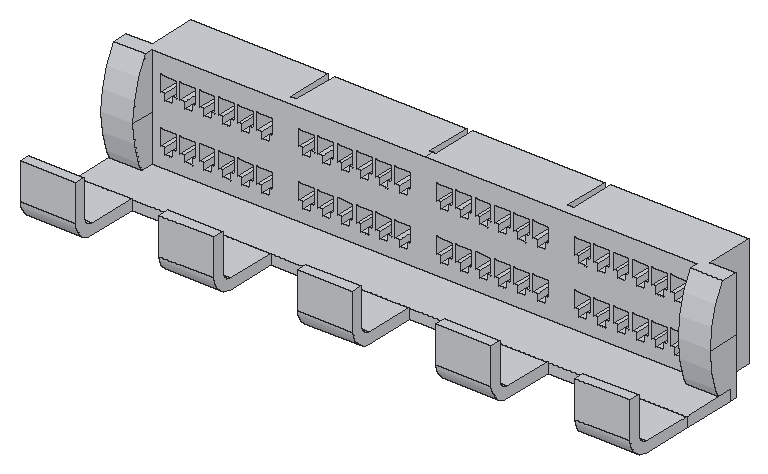
Revit family
Parameters
  Material ID = "760117366"
  Description = "SYSTIMAX 360™ GigaSPEED® XL PATCHMAX® GS3 Category 6 U/UTP Patch Panel, 48 port\r\n"
Reference planes (in)
  plane 1 "Center (Front/Back)": y = 0
  plane 2: z = 0
  plane 3 "Center (Left/Right)": x = 0
Forms (in)
  Extrusion 1, solid
    sketch origin (0, 0, 0) x (1, 0, 0) y (0, 0, 1)
      loop
        line (0, 1.75) -> (-9.5, 1.75) -> (-9.5, 0) -> (-9.5, -1.75) -> (0, -1.75) -> (9.5, -1.75) -> (9.5, 0) -> (9.5, 1.75) -> (0, 1.75)
    from 0 to 2.5
  Extrusion 2, void
    sketch origin (0, 0, 0) x (0, 1, 0) y (0, 0, 1)
      loop
        line (-2, 1.75) -> (-3.8877, 1.75) -> (-3.8877, -1.75) -> (-2, -1.75)
        arc (-2, -1.75) -> (-2.4805, 0) -> (-2, 1.75) r 3.42703
    from -11.51115 to 12
  Extrusion 3, void
    sketch origin (0, 0, 0) x (1, 0, 0) y (0, 0, 1)
      loop
        line (-8.5, 1.75) -> (-8.5, 0) -> (-8.5, -1.75) -> (0, -1.75) -> (8.5, -1.75) -> (8.5, 0) -> (8.5, 1.75) -> (0, 1.75) -> (-8.5, 1.75)
    from 1.75233 to 12
  Extrusion 4, void
    sketch origin (0, 0, 0) x (0, 1, 0) y (0, 0, 1)
      loop
        line (0, 1.75) -> (-1.5, 1.75) -> (-1.5, -1.75) -> (0, -1.75) -> (0, 1.75)
    from 8.68821 to 11.36382
  Extrusion 5, void
    sketch origin (0, 0, 0) x (0, 1, 0) y (0, 0, -1)
      loop
        line (0, -1.75) -> (0, 1.75) -> (-1.5, 1.75) -> (-1.5, -1.75) -> (0, -1.75)
    from 8.68821 to 11.36382
  Extrusion 6, void, not visible
    sketch origin (0, 0, 0) x (1, 0, 0) y (0, 0, 1)
      loop
        line (-7.85662, 0.48089) -> (-7.85662, -0.39002) -> (-7.67285, -0.39002) -> (-7.67285, -0.64002) -> (-7.0736, -0.64002) -> (-7.0736, -0.39002) -> (-6.92978, -0.39002) -> (-6.92978, 0.48089) -> (-7.85662, 0.48089)
    from -3.79215 to 12
  Extrusion 7, void
    sketch origin (0, 0, 0.75) x (1, 0, 0) y (0, 0, 1)
      loop
        line (-8.21397, 0.42583) -> (-8.21397, -0.07417) -> (-8.08657, -0.07417) -> (-8.08657, -0.27417) -> (-7.83657, -0.27417) -> (-7.83657, -0.07417) -> (-7.72497, -0.07417) -> (-7.72497, 0.42583) -> (-8.21397, 0.42583)
    from 0.74059 to 3.34334
  Extrusion 8, void
    sketch origin (0.6, 0, 0.75) x (1, 0, 0) y (0, 0, 1)
      loop
        line (-8.21397, 0.42583) -> (-8.21397, -0.07417) -> (-8.08657, -0.07417) -> (-8.08657, -0.27417) -> (-7.83657, -0.27417) -> (-7.83657, -0.07417) -> (-7.72497, -0.07417) -> (-7.72497, 0.42583) -> (-8.21397, 0.42583)
    from 0.74059 to 3.34334
  Extrusion 9, void
    sketch origin (1.2, 0, 0.75) x (1, 0, 0) y (0, 0, 1)
      loop
        line (-8.21397, 0.42583) -> (-8.21397, -0.07417) -> (-8.08657, -0.07417) -> (-8.08657, -0.27417) -> (-7.83657, -0.27417) -> (-7.83657, -0.07417) -> (-7.72497, -0.07417) -> (-7.72497, 0.42583) -> (-8.21397, 0.42583)
    from 0.74059 to 3.34334
  Extrusion 10, void
    sketch origin (1.8, 0, 0.75) x (1, 0, 0) y (0, 0, 1)
      loop
        line (-8.21397, 0.42583) -> (-8.21397, -0.07417) -> (-8.08657, -0.07417) -> (-8.08657, -0.27417) -> (-7.83657, -0.27417) -> (-7.83657, -0.07417) -> (-7.72497, -0.07417) -> (-7.72497, 0.42583) -> (-8.21397, 0.42583)
    from 0.74059 to 3.34334
  Extrusion 11, void
    sketch origin (2.4, 0, 0.75) x (1, 0, 0) y (0, 0, 1)
      loop
        line (-8.21397, 0.42583) -> (-8.21397, -0.07417) -> (-8.08657, -0.07417) -> (-8.08657, -0.27417) -> (-7.83657, -0.27417) -> (-7.83657, -0.07417) -> (-7.72497, -0.07417) -> (-7.72497, 0.42583) -> (-8.21397, 0.42583)
    from 0.74059 to 3.34334
  Extrusion 12, void
    sketch origin (3, 0, 0.75) x (1, 0, 0) y (0, 0, 1)
      loop
        line (-8.21397, 0.42583) -> (-8.21397, -0.07417) -> (-8.08657, -0.07417) -> (-8.08657, -0.27417) -> (-7.83657, -0.27417) -> (-7.83657, -0.07417) -> (-7.72497, -0.07417) -> (-7.72497, 0.42583) -> (-8.21397, 0.42583)
    from 0.74059 to 3.34334
  Extrusion 13, void, not visible
    sketch origin (0, 0, 0) x (1, 0, 0) y (0, 0, 1)
      loop
        line (-8.21397, 0.42583) -> (-8.21397, -0.07417) -> (-8.08657, -0.07417) -> (-8.08657, -0.27417) -> (-7.83657, -0.27417) -> (-7.83657, -0.07417) -> (-7.72497, -0.07417) -> (-7.72497, 0.42583) -> (-8.21397, 0.42583)
    from 0.74059 to 3.34334
  Extrusion 14, void
    sketch origin (4.3, 0, 0.75) x (1, 0, 0) y (0, 0, 1)
      loop
        line (-8.21397, 0.42583) -> (-8.21397, -0.07417) -> (-8.08657, -0.07417) -> (-8.08657, -0.27417) -> (-7.83657, -0.27417) -> (-7.83657, -0.07417) -> (-7.72497, -0.07417) -> (-7.72497, 0.42583) -> (-8.21397, 0.42583)
    from 0.74059 to 3.34334
  Extrusion 15, void
    sketch origin (4.9, 0, 0.75) x (1, 0, 0) y (0, 0, 1)
      loop
        line (-8.21397, 0.42583) -> (-8.21397, -0.07417) -> (-8.08657, -0.07417) -> (-8.08657, -0.27417) -> (-7.83657, -0.27417) -> (-7.83657, -0.07417) -> (-7.72497, -0.07417) -> (-7.72497, 0.42583) -> (-8.21397, 0.42583)
    from 0.74059 to 3.34334
  Extrusion 16, void
    sketch origin (5.5, 0, 0.75) x (1, 0, 0) y (0, 0, 1)
      loop
        line (-8.21397, 0.42583) -> (-8.21397, -0.07417) -> (-8.08657, -0.07417) -> (-8.08657, -0.27417) -> (-7.83657, -0.27417) -> (-7.83657, -0.07417) -> (-7.72497, -0.07417) -> (-7.72497, 0.42583) -> (-8.21397, 0.42583)
    from 0.74059 to 3.34334
  Extrusion 17, void
    sketch origin (6.1, 0, 0.75) x (1, 0, 0) y (0, 0, 1)
      loop
        line (-8.21397, 0.42583) -> (-8.21397, -0.07417) -> (-8.08657, -0.07417) -> (-8.08657, -0.27417) -> (-7.83657, -0.27417) -> (-7.83657, -0.07417) -> (-7.72497, -0.07417) -> (-7.72497, 0.42583) -> (-8.21397, 0.42583)
    from 0.74059 to 3.34334
  Extrusion 18, void
    sketch origin (6.7, 0, 0.75) x (1, 0, 0) y (0, 0, 1)
      loop
        line (-8.21397, 0.42583) -> (-8.21397, -0.07417) -> (-8.08657, -0.07417) -> (-8.08657, -0.27417) -> (-7.83657, -0.27417) -> (-7.83657, -0.07417) -> (-7.72497, -0.07417) -> (-7.72497, 0.42583) -> (-8.21397, 0.42583)
    from 0.74059 to 3.34334
  Extrusion 19, void
    sketch origin (7.3, 0, 0.75) x (1, 0, 0) y (0, 0, 1)
      loop
        line (-8.21397, 0.42583) -> (-8.21397, -0.07417) -> (-8.08657, -0.07417) -> (-8.08657, -0.27417) -> (-7.83657, -0.27417) -> (-7.83657, -0.07417) -> (-7.72497, -0.07417) -> (-7.72497, 0.42583) -> (-8.21397, 0.42583)
    from 0.74059 to 3.34334
  Extrusion 20, void
    sketch origin (8.6, 0, 0.75) x (1, 0, 0) y (0, 0, 1)
      loop
        line (-8.21397, 0.42583) -> (-8.21397, -0.07417) -> (-8.08657, -0.07417) -> (-8.08657, -0.27417) -> (-7.83657, -0.27417) -> (-7.83657, -0.07417) -> (-7.72497, -0.07417) -> (-7.72497, 0.42583) -> (-8.21397, 0.42583)
    from 0.74059 to 3.34334
  Extrusion 21, void
    sketch origin (9.2, 0, 0.75) x (1, 0, 0) y (0, 0, 1)
      loop
        line (-8.21397, 0.42583) -> (-8.21397, -0.07417) -> (-8.08657, -0.07417) -> (-8.08657, -0.27417) -> (-7.83657, -0.27417) -> (-7.83657, -0.07417) -> (-7.72497, -0.07417) -> (-7.72497, 0.42583) -> (-8.21397, 0.42583)
    from 0.74059 to 3.34334
  Extrusion 22, void
    sketch origin (9.8, 0, 0.75) x (1, 0, 0) y (0, 0, 1)
      loop
        line (-8.21397, 0.42583) -> (-8.21397, -0.07417) -> (-8.08657, -0.07417) -> (-8.08657, -0.27417) -> (-7.83657, -0.27417) -> (-7.83657, -0.07417) -> (-7.72497, -0.07417) -> (-7.72497, 0.42583) -> (-8.21397, 0.42583)
    from 0.74059 to 3.34334
  Extrusion 23, void
    sketch origin (10.4, 0, 0.75) x (1, 0, 0) y (0, 0, 1)
      loop
        line (-8.21397, 0.42583) -> (-8.21397, -0.07417) -> (-8.08657, -0.07417) -> (-8.08657, -0.27417) -> (-7.83657, -0.27417) -> (-7.83657, -0.07417) -> (-7.72497, -0.07417) -> (-7.72497, 0.42583) -> (-8.21397, 0.42583)
    from 0.74059 to 3.34334
  Extrusion 24, void
    sketch origin (11, 0, 0.75) x (1, 0, 0) y (0, 0, 1)
      loop
        line (-8.21397, 0.42583) -> (-8.21397, -0.07417) -> (-8.08657, -0.07417) -> (-8.08657, -0.27417) -> (-7.83657, -0.27417) -> (-7.83657, -0.07417) -> (-7.72497, -0.07417) -> (-7.72497, 0.42583) -> (-8.21397, 0.42583)
    from 0.74059 to 3.34334
  Extrusion 25, void
    sketch origin (11.6, 0, 0.75) x (1, 0, 0) y (0, 0, 1)
      loop
        line (-8.21397, 0.42583) -> (-8.21397, -0.07417) -> (-8.08657, -0.07417) -> (-8.08657, -0.27417) -> (-7.83657, -0.27417) -> (-7.83657, -0.07417) -> (-7.72497, -0.07417) -> (-7.72497, 0.42583) -> (-8.21397, 0.42583)
    from 0.74059 to 3.34334
  Extrusion 26, void
    sketch origin (12.9, 0, 0.75) x (1, 0, 0) y (0, 0, 1)
      loop
        line (-8.21397, 0.42583) -> (-8.21397, -0.07417) -> (-8.08657, -0.07417) -> (-8.08657, -0.27417) -> (-7.83657, -0.27417) -> (-7.83657, -0.07417) -> (-7.72497, -0.07417) -> (-7.72497, 0.42583) -> (-8.21397, 0.42583)
    from 0.74059 to 3.34334
  Extrusion 27, void
    sketch origin (13.5, 0, 0.75) x (1, 0, 0) y (0, 0, 1)
      loop
        line (-8.21397, 0.42583) -> (-8.21397, -0.07417) -> (-8.08657, -0.07417) -> (-8.08657, -0.27417) -> (-7.83657, -0.27417) -> (-7.83657, -0.07417) -> (-7.72497, -0.07417) -> (-7.72497, 0.42583) -> (-8.21397, 0.42583)
    from 0.74059 to 3.34334
  Extrusion 28, void
    sketch origin (14.1, 0, 0.75) x (1, 0, 0) y (0, 0, 1)
      loop
        line (-8.21397, 0.42583) -> (-8.21397, -0.07417) -> (-8.08657, -0.07417) -> (-8.08657, -0.27417) -> (-7.83657, -0.27417) -> (-7.83657, -0.07417) -> (-7.72497, -0.07417) -> (-7.72497, 0.42583) -> (-8.21397, 0.42583)
    from 0.74059 to 3.34334
  Extrusion 29, void
    sketch origin (14.7, 0, 0.75) x (1, 0, 0) y (0, 0, 1)
      loop
        line (-8.21397, 0.42583) -> (-8.21397, -0.07417) -> (-8.08657, -0.07417) -> (-8.08657, -0.27417) -> (-7.83657, -0.27417) -> (-7.83657, -0.07417) -> (-7.72497, -0.07417) -> (-7.72497, 0.42583) -> (-8.21397, 0.42583)
    from 0.74059 to 3.34334
  Extrusion 30, void
    sketch origin (15.3, 0, 0.75) x (1, 0, 0) y (0, 0, 1)
      loop
        line (-8.21397, 0.42583) -> (-8.21397, -0.07417) -> (-8.08657, -0.07417) -> (-8.08657, -0.27417) -> (-7.83657, -0.27417) -> (-7.83657, -0.07417) -> (-7.72497, -0.07417) -> (-7.72497, 0.42583) -> (-8.21397, 0.42583)
    from 0.74059 to 3.34334
  Extrusion 31, void
    sketch origin (15.9, 0, 0.75) x (1, 0, 0) y (0, 0, 1)
      loop
        line (-8.21397, 0.42583) -> (-8.21397, -0.07417) -> (-8.08657, -0.07417) -> (-8.08657, -0.27417) -> (-7.83657, -0.27417) -> (-7.83657, -0.07417) -> (-7.72497, -0.07417) -> (-7.72497, 0.42583) -> (-8.21397, 0.42583)
    from 0.74059 to 3.34334
  Extrusion 32, solid
    sketch origin (0, 0, 0) x (1, 0, 0) y (0, 0, 1)
      loop
        line (-9.5, -1.75) -> (9.5, -1.75) -> (9.5, -1.42045) -> (-9.5, -1.42045) -> (-9.5, -1.75)
    from 1.75233 to 3.42578
  Sweep 33, solid
    path origin (-12.96098, 0, 0) x (0, 1, 0) y (0, 0, 1)
      loop
        line (-3.42578, -1.75) -> (-4.97582, -1.75)
        arc (-4.97582, -1.75) -> (-5.41551, -1.5688) -> (-5.62847, -1.14359) r 0.67897
        line (-5.62847, -1.14359) -> (-5.62847, 0)
    profile origin (-12.96098, -4.2008, -1.75) x (0, 0, -1) y (1, 0, 0)
      loop
        line (0, 3.46098) -> (0, 5.17967) -> (-0.32955, 5.17967) -> (-0.32955, 3.46098) -> (0, 3.46098)
  Sweep 34, solid
    path origin (4.32033, 0, 0) x (0, 1, 0) y (0, 0, 1)
      loop
        line (-3.42578, -1.75) -> (-4.97582, -1.75)
        arc (-4.97582, -1.75) -> (-5.41551, -1.5688) -> (-5.62847, -1.14359) r 0.67897
        line (-5.62847, -1.14359) -> (-5.62847, 0)
    profile origin (4.32033, -4.2008, -1.75) x (0, 0, -1) y (1, 0, 0)
      loop
        line (0, 3.46098) -> (0, 5.17967) -> (-0.32955, 5.17967) -> (-0.32955, 3.46098) -> (0, 3.46098)
  Sweep 35, solid
    path origin (-8.64065, 0, 0) x (0, 1, 0) y (0, 0, 1)
      loop
        line (-3.42578, -1.75) -> (-4.97582, -1.75)
        arc (-4.97582, -1.75) -> (-5.41551, -1.5688) -> (-5.62847, -1.14359) r 0.67897
        line (-5.62847, -1.14359) -> (-5.62847, 0)
    profile origin (-8.64065, -4.2008, -1.75) x (0, 0, -1) y (1, 0, 0)
      loop
        line (0, 3.46098) -> (0, 5.17967) -> (-0.32955, 5.17967) -> (-0.32955, 3.46098) -> (0, 3.46098)
  Sweep 36, solid
    path origin (-4.32033, 0, 0) x (0, 1, 0) y (0, 0, 1)
      loop
        line (-3.42578, -1.75) -> (-4.97582, -1.75)
        arc (-4.97582, -1.75) -> (-5.41551, -1.5688) -> (-5.62847, -1.14359) r 0.67897
        line (-5.62847, -1.14359) -> (-5.62847, 0)
    profile origin (-4.32033, -4.2008, -1.75) x (0, 0, -1) y (1, 0, 0)
      loop
        line (0, 3.46098) -> (0, 5.17967) -> (-0.32955, 5.17967) -> (-0.32955, 3.46098) -> (0, 3.46098)
  Sweep 37, solid
    path origin (0, 0, 0) x (0, 1, 0) y (0, 0, 1)
      loop
        line (-3.42578, -1.75) -> (-4.97582, -1.75)
        arc (-4.97582, -1.75) -> (-5.41551, -1.5688) -> (-5.62847, -1.14359) r 0.67897
        line (-5.62847, -1.14359) -> (-5.62847, 0)
    profile origin (0, -4.2008, -1.75) x (0, 0, -1) y (1, 0, 0)
      loop
        line (0, 3.46098) -> (0, 5.17967) -> (-0.32955, 5.17967) -> (-0.32955, 3.46098) -> (0, 3.46098)
  Extrusion 38, void
    sketch origin (0, 0, 0) x (1, 0, 0) y (0, 0, 1)
      loop
        line (9.21516, 1.20765) -> (9.01112, 1.20765)
        arc (9.01112, 1.20765) -> (8.88612, 1.08265) -> (9.01112, 0.95765) r 0.125
        line (9.01112, 0.95765) -> (9.21516, 0.95765)
        arc (9.21516, 0.95765) -> (9.34016, 1.08265) -> (9.21516, 1.20765) r 0.125
    from -0.81157 to 2
  Extrusion 39, void
    sketch origin (0, 0, 0) x (1, 0, 0) y (0, 0, 1)
      loop
        arc (9.21516, -1.20765) -> (9.34016, -1.08265) -> (9.21516, -0.95765) r 0.125
        line (9.21516, -0.95765) -> (9.01112, -0.95765)
        arc (9.01112, -0.95765) -> (8.88612, -1.08265) -> (9.01112, -1.20765) r 0.125
        line (9.01112, -1.20765) -> (9.21516, -1.20765)
    from -0.81157 to 2
  Extrusion 40, void
    sketch origin (0, 0, 0) x (-1, 0, 0) y (0, 0, -1)
      loop
        arc (9.21516, -1.20765) -> (9.34016, -1.08265) -> (9.21516, -0.95765) r 0.125
        line (9.21516, -0.95765) -> (9.01112, -0.95765)
        arc (9.01112, -0.95765) -> (8.88612, -1.08265) -> (9.01112, -1.20765) r 0.125
        line (9.01112, -1.20765) -> (9.21516, -1.20765)
    from -0.81157 to 2
  Extrusion 41, void
    sketch origin (0, 0, 0) x (-1, 0, 0) y (0, 0, -1)
      loop
        line (9.21516, 1.20765) -> (9.01112, 1.20765)
        arc (9.01112, 1.20765) -> (8.88612, 1.08265) -> (9.01112, 0.95765) r 0.125
        line (9.01112, 0.95765) -> (9.21516, 0.95765)
        arc (9.21516, 0.95765) -> (9.34016, 1.08265) -> (9.21516, 1.20765) r 0.125
    from -0.81157 to 2
  Extrusion 42, void
    sketch origin (0, 0, 0) x (1, 0, 0) y (0, 0, 1)
      loop
        line (4.40826, 1.75) -> (4.20826, 1.75) -> (4.20826, -1.75) -> (4.40826, -1.75) -> (4.40826, 1.75)
    from 0 to 1.44779
  Extrusion 43, void
    sketch origin (-4.29969, 0, 0) x (1, 0, 0) y (0, 0, 1)
      loop
        line (4.40826, 1.75) -> (4.20826, 1.75) -> (4.20826, -1.75) -> (4.40826, -1.75) -> (4.40826, 1.75)
    from 0 to 1.44779
  Extrusion 44, void
    sketch origin (-8.6195, 0, 0) x (1, 0, 0) y (0, 0, 1)
      loop
        line (4.40826, 1.75) -> (4.20826, 1.75) -> (4.20826, -1.75) -> (4.40826, -1.75) -> (4.40826, 1.75)
    from 0 to 1.44779
  Extrusion 45, void
    sketch origin (0, 0, -0.75) x (1, 0, 0) y (0, 0, 1)
      loop
        line (-8.21397, 0.42583) -> (-8.21397, -0.07417) -> (-8.08657, -0.07417) -> (-8.08657, -0.27417) -> (-7.83657, -0.27417) -> (-7.83657, -0.07417) -> (-7.72497, -0.07417) -> (-7.72497, 0.42583) -> (-8.21397, 0.42583)
    from 0.74059 to 3.34334
  Extrusion 46, void
    sketch origin (0.6, 0, -0.75) x (1, 0, 0) y (0, 0, 1)
      loop
        line (-8.21397, 0.42583) -> (-8.21397, -0.07417) -> (-8.08657, -0.07417) -> (-8.08657, -0.27417) -> (-7.83657, -0.27417) -> (-7.83657, -0.07417) -> (-7.72497, -0.07417) -> (-7.72497, 0.42583) -> (-8.21397, 0.42583)
    from 0.74059 to 3.34334
  Extrusion 47, void
    sketch origin (1.2, 0, -0.75) x (1, 0, 0) y (0, 0, 1)
      loop
        line (-8.21397, 0.42583) -> (-8.21397, -0.07417) -> (-8.08657, -0.07417) -> (-8.08657, -0.27417) -> (-7.83657, -0.27417) -> (-7.83657, -0.07417) -> (-7.72497, -0.07417) -> (-7.72497, 0.42583) -> (-8.21397, 0.42583)
    from 0.74059 to 3.34334
  Extrusion 48, void
    sketch origin (1.8, 0, -0.75) x (1, 0, 0) y (0, 0, 1)
      loop
        line (-8.21397, 0.42583) -> (-8.21397, -0.07417) -> (-8.08657, -0.07417) -> (-8.08657, -0.27417) -> (-7.83657, -0.27417) -> (-7.83657, -0.07417) -> (-7.72497, -0.07417) -> (-7.72497, 0.42583) -> (-8.21397, 0.42583)
    from 0.74059 to 3.34334
  Extrusion 49, void
    sketch origin (2.4, 0, -0.75) x (1, 0, 0) y (0, 0, 1)
      loop
        line (-8.21397, 0.42583) -> (-8.21397, -0.07417) -> (-8.08657, -0.07417) -> (-8.08657, -0.27417) -> (-7.83657, -0.27417) -> (-7.83657, -0.07417) -> (-7.72497, -0.07417) -> (-7.72497, 0.42583) -> (-8.21397, 0.42583)
    from 0.74059 to 3.34334
  Extrusion 50, void
    sketch origin (3, 0, -0.75) x (1, 0, 0) y (0, 0, 1)
      loop
        line (-8.21397, 0.42583) -> (-8.21397, -0.07417) -> (-8.08657, -0.07417) -> (-8.08657, -0.27417) -> (-7.83657, -0.27417) -> (-7.83657, -0.07417) -> (-7.72497, -0.07417) -> (-7.72497, 0.42583) -> (-8.21397, 0.42583)
    from 0.74059 to 3.34334
  Extrusion 51, void
    sketch origin (4.3, 0, -0.75) x (1, 0, 0) y (0, 0, 1)
      loop
        line (-8.21397, 0.42583) -> (-8.21397, -0.07417) -> (-8.08657, -0.07417) -> (-8.08657, -0.27417) -> (-7.83657, -0.27417) -> (-7.83657, -0.07417) -> (-7.72497, -0.07417) -> (-7.72497, 0.42583) -> (-8.21397, 0.42583)
    from 0.74059 to 3.34334
  Extrusion 52, void
    sketch origin (4.9, 0, -0.75) x (1, 0, 0) y (0, 0, 1)
      loop
        line (-8.21397, 0.42583) -> (-8.21397, -0.07417) -> (-8.08657, -0.07417) -> (-8.08657, -0.27417) -> (-7.83657, -0.27417) -> (-7.83657, -0.07417) -> (-7.72497, -0.07417) -> (-7.72497, 0.42583) -> (-8.21397, 0.42583)
    from 0.74059 to 3.34334
  Extrusion 53, void
    sketch origin (5.5, 0, -0.75) x (1, 0, 0) y (0, 0, 1)
      loop
        line (-8.21397, 0.42583) -> (-8.21397, -0.07417) -> (-8.08657, -0.07417) -> (-8.08657, -0.27417) -> (-7.83657, -0.27417) -> (-7.83657, -0.07417) -> (-7.72497, -0.07417) -> (-7.72497, 0.42583) -> (-8.21397, 0.42583)
    from 0.74059 to 3.34334
  Extrusion 54, void
    sketch origin (6.1, 0, -0.75) x (1, 0, 0) y (0, 0, 1)
      loop
        line (-8.21397, 0.42583) -> (-8.21397, -0.07417) -> (-8.08657, -0.07417) -> (-8.08657, -0.27417) -> (-7.83657, -0.27417) -> (-7.83657, -0.07417) -> (-7.72497, -0.07417) -> (-7.72497, 0.42583) -> (-8.21397, 0.42583)
    from 0.74059 to 3.34334
  Extrusion 55, void
    sketch origin (6.7, 0, -0.75) x (1, 0, 0) y (0, 0, 1)
      loop
        line (-8.21397, 0.42583) -> (-8.21397, -0.07417) -> (-8.08657, -0.07417) -> (-8.08657, -0.27417) -> (-7.83657, -0.27417) -> (-7.83657, -0.07417) -> (-7.72497, -0.07417) -> (-7.72497, 0.42583) -> (-8.21397, 0.42583)
    from 0.74059 to 3.34334
  Extrusion 56, void
    sketch origin (7.3, 0, -0.75) x (1, 0, 0) y (0, 0, 1)
      loop
        line (-8.21397, 0.42583) -> (-8.21397, -0.07417) -> (-8.08657, -0.07417) -> (-8.08657, -0.27417) -> (-7.83657, -0.27417) -> (-7.83657, -0.07417) -> (-7.72497, -0.07417) -> (-7.72497, 0.42583) -> (-8.21397, 0.42583)
    from 0.74059 to 3.34334
  Extrusion 57, void
    sketch origin (8.6, 0, -0.75) x (1, 0, 0) y (0, 0, 1)
      loop
        line (-8.21397, 0.42583) -> (-8.21397, -0.07417) -> (-8.08657, -0.07417) -> (-8.08657, -0.27417) -> (-7.83657, -0.27417) -> (-7.83657, -0.07417) -> (-7.72497, -0.07417) -> (-7.72497, 0.42583) -> (-8.21397, 0.42583)
    from 0.74059 to 3.34334
  Extrusion 58, void
    sketch origin (9.2, 0, -0.75) x (1, 0, 0) y (0, 0, 1)
      loop
        line (-8.21397, 0.42583) -> (-8.21397, -0.07417) -> (-8.08657, -0.07417) -> (-8.08657, -0.27417) -> (-7.83657, -0.27417) -> (-7.83657, -0.07417) -> (-7.72497, -0.07417) -> (-7.72497, 0.42583) -> (-8.21397, 0.42583)
    from 0.74059 to 3.34334
  Extrusion 59, void
    sketch origin (9.8, 0, -0.75) x (1, 0, 0) y (0, 0, 1)
      loop
        line (-8.21397, 0.42583) -> (-8.21397, -0.07417) -> (-8.08657, -0.07417) -> (-8.08657, -0.27417) -> (-7.83657, -0.27417) -> (-7.83657, -0.07417) -> (-7.72497, -0.07417) -> (-7.72497, 0.42583) -> (-8.21397, 0.42583)
    from 0.74059 to 3.34334
  Extrusion 60, void
    sketch origin (10.4, 0, -0.75) x (1, 0, 0) y (0, 0, 1)
      loop
        line (-8.21397, 0.42583) -> (-8.21397, -0.07417) -> (-8.08657, -0.07417) -> (-8.08657, -0.27417) -> (-7.83657, -0.27417) -> (-7.83657, -0.07417) -> (-7.72497, -0.07417) -> (-7.72497, 0.42583) -> (-8.21397, 0.42583)
    from 0.74059 to 3.34334
  Extrusion 61, void
    sketch origin (11, 0, -0.75) x (1, 0, 0) y (0, 0, 1)
      loop
        line (-8.21397, 0.42583) -> (-8.21397, -0.07417) -> (-8.08657, -0.07417) -> (-8.08657, -0.27417) -> (-7.83657, -0.27417) -> (-7.83657, -0.07417) -> (-7.72497, -0.07417) -> (-7.72497, 0.42583) -> (-8.21397, 0.42583)
    from 0.74059 to 3.34334
  Extrusion 62, void
    sketch origin (11.6, 0, -0.75) x (1, 0, 0) y (0, 0, 1)
      loop
        line (-8.21397, 0.42583) -> (-8.21397, -0.07417) -> (-8.08657, -0.07417) -> (-8.08657, -0.27417) -> (-7.83657, -0.27417) -> (-7.83657, -0.07417) -> (-7.72497, -0.07417) -> (-7.72497, 0.42583) -> (-8.21397, 0.42583)
    from 0.74059 to 3.34334
  Extrusion 63, void
    sketch origin (12.9, 0, -0.75) x (1, 0, 0) y (0, 0, 1)
      loop
        line (-8.21397, 0.42583) -> (-8.21397, -0.07417) -> (-8.08657, -0.07417) -> (-8.08657, -0.27417) -> (-7.83657, -0.27417) -> (-7.83657, -0.07417) -> (-7.72497, -0.07417) -> (-7.72497, 0.42583) -> (-8.21397, 0.42583)
    from 0.74059 to 3.34334
  Extrusion 64, void
    sketch origin (13.5, 0, -0.75) x (1, 0, 0) y (0, 0, 1)
      loop
        line (-8.21397, 0.42583) -> (-8.21397, -0.07417) -> (-8.08657, -0.07417) -> (-8.08657, -0.27417) -> (-7.83657, -0.27417) -> (-7.83657, -0.07417) -> (-7.72497, -0.07417) -> (-7.72497, 0.42583) -> (-8.21397, 0.42583)
    from 0.74059 to 3.34334
  Extrusion 65, void
    sketch origin (14.1, 0, -0.75) x (1, 0, 0) y (0, 0, 1)
      loop
        line (-8.21397, 0.42583) -> (-8.21397, -0.07417) -> (-8.08657, -0.07417) -> (-8.08657, -0.27417) -> (-7.83657, -0.27417) -> (-7.83657, -0.07417) -> (-7.72497, -0.07417) -> (-7.72497, 0.42583) -> (-8.21397, 0.42583)
    from 0.74059 to 3.34334
  Extrusion 66, void
    sketch origin (14.7, 0, -0.75) x (1, 0, 0) y (0, 0, 1)
      loop
        line (-8.21397, 0.42583) -> (-8.21397, -0.07417) -> (-8.08657, -0.07417) -> (-8.08657, -0.27417) -> (-7.83657, -0.27417) -> (-7.83657, -0.07417) -> (-7.72497, -0.07417) -> (-7.72497, 0.42583) -> (-8.21397, 0.42583)
    from 0.74059 to 3.34334
  Extrusion 67, void
    sketch origin (15.3, 0, -0.75) x (1, 0, 0) y (0, 0, 1)
      loop
        line (-8.21397, 0.42583) -> (-8.21397, -0.07417) -> (-8.08657, -0.07417) -> (-8.08657, -0.27417) -> (-7.83657, -0.27417) -> (-7.83657, -0.07417) -> (-7.72497, -0.07417) -> (-7.72497, 0.42583) -> (-8.21397, 0.42583)
    from 0.74059 to 3.34334
  Extrusion 68, void
    sketch origin (15.9, 0, -0.75) x (1, 0, 0) y (0, 0, 1)
      loop
        line (-8.21397, 0.42583) -> (-8.21397, -0.07417) -> (-8.08657, -0.07417) -> (-8.08657, -0.27417) -> (-7.83657, -0.27417) -> (-7.83657, -0.07417) -> (-7.72497, -0.07417) -> (-7.72497, 0.42583) -> (-8.21397, 0.42583)
    from 0.74059 to 3.34334
Cuts and joins
  Extrusion 2, Extrusion 3, Extrusion 4, Extrusion 5, Extrusion 7, Extrusion 8, Extrusion 9, Extrusion 10, Extrusion 11, Extrusion 12, Extrusion 14, Extrusion 15, Extrusion 16, Extrusion 17, Extrusion 18, Extrusion 19, Extrusion 20, Extrusion 21, Extrusion 22, Extrusion 23, Extrusion 24, Extrusion 25, Extrusion 26, Extrusion 27, Extrusion 28, Extrusion 29, Extrusion 30, Extrusion 31, Extrusion 38, Extrusion 39, Extrusion 40, Extrusion 41, Extrusion 42, Extrusion 43, Extrusion 44, Extrusion 45, Extrusion 46, Extrusion 47, Extrusion 48, Extrusion 49, Extrusion 50, Extrusion 51, Extrusion 52, Extrusion 53, Extrusion 54, Extrusion 55, Extrusion 56, Extrusion 57, Extrusion 58, Extrusion 59, Extrusion 60, Extrusion 61, Extrusion 62, Extrusion 63, Extrusion 64, Extrusion 65, Extrusion 66, Extrusion 67, Extrusion 68 cuts Extrusion 1
  Extrusion 42 cuts Extrusion 32
  Extrusion 42 cuts Sweep 37
Dimensions and locks (in)
  equal spacing: group 2, group 3, group 4, group 5, group 6, group 7  (x3)
  equal spacing: group 9, group 10, group 11, group 12, group 13, group 14  (x3)
  equal spacing: group 16, group 17, group 18, group 19, group 20, group 21  (x3)
  equal spacing: group 23, group 24, group 25, group 26, group 27, group 28  (x3)
  equal spacing: group 30, group 32, group 33, group 34, group 31  (x3)
  equal spacing: group 41, group 42, group 43, group 44, group 45, group 46  (x3)
  equal spacing: group 48, group 49, group 50, group 51, group 52, group 53  (x3)
  equal spacing: group 55, group 56, group 57, group 58, group 59, group 60  (x3)
  aligned and locked: level to Extrusion 1 sketch curve
  aligned and locked: plane 3 "Center (Left/Right)" to Extrusion 1 sketch curve
  aligned and locked: Extrusion 3 sketch curve to cut or joined group 1 (Extrusion 1, Extrusion 2, Extrusion 3, Extrusion 4, Extrusion 5, Extrusion 7, Extrusion 8, Extrusion 9, Extrusion 10, Extrusion 11, Extrusion 12, Extrusion 14, Extrusion 15, Extrusion 16, Extrusion 17, Extrusion 18, Extrusion 19, Extrusion 20, Extrusion 21, Extrusion 22, Extrusion 23, Extrusion 24, Extrusion 25, Extrusion 26, Extrusion 27, Extrusion 28, Extrusion 29, Extrusion 30, Extrusion 31, Extrusion 38, Extrusion 39, Extrusion 40, Extrusion 41, Extrusion 42, Extrusion 43, Extrusion 44, Extrusion 45, Extrusion 46, Extrusion 47, Extrusion 48, Extrusion 49, Extrusion 50, Extrusion 51, Extrusion 52, Extrusion 53, Extrusion 54, Extrusion 55, Extrusion 56, Extrusion 57, Extrusion 58, Extrusion 59, Extrusion 60, Extrusion 61, Extrusion 62, Extrusion 63, Extrusion 64, Extrusion 65, Extrusion 66, Extrusion 67, Extrusion 68)  (x2)
  aligned and locked: level to Extrusion 3 sketch curve
  aligned and locked: Extrusion 4 sketch curve to cut or joined group 1
  aligned and locked: Extrusion 32 sketch curve to cut or joined group 1  (x2)
  aligned and locked: cut or joined group 1 to Extrusion 32 sketch curve
  aligned and locked: cut or joined group 1 to Extrusion 32
